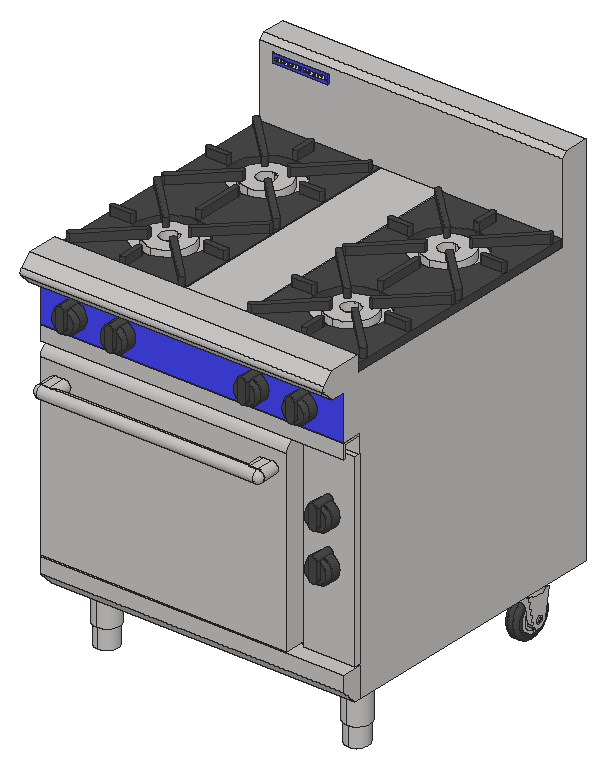
Revit family "QF_MOFFAT_BLUESEAL_CE_GE505D", category Specialty Equipment, Revit 2012 (continued)
Definition of nested family "WALDORF LOGO_FACE BASE"
  Forms (mm)
    Extrusion 3, solid, material "QF_Finishes_White", visible <- "Show Logo"
      sketch origin (0, -33.217, 1.588) x (1, 0, 0) y (0, 1, 0)
        loop
          line (112.704, 22.73) -> (112.704, 21.258)
        loop
          line (105.071, 25.919) -> (93.771, 25.919) -> (93.771, 17.163) -> (105.071, 17.163) -> (105.071, 19.063) -> (99.535, 19.063) -> (99.535, 20.437) -> (105.071, 20.437) -> (105.071, 22.278) -> (99.535, 22.278) -> (99.535, 23.587) -> (105.071, 23.587) -> (105.071, 25.919)
        loop
          line (91.104, 25.919) -> (79.541, 25.919)
          arc (79.541, 25.919) -> (78.558, 25.513) -> (78.152, 24.53) r 1.389
          line (78.152, 24.53) -> (78.152, 22.08)
          arc (78.152, 22.08) -> (78.558, 21.098) -> (79.541, 20.691) r 1.389
          line (79.541, 20.691) -> (86.346, 20.691) -> (86.346, 18.864) -> (83.266, 18.864) -> (83.266, 19.664) -> (78.152, 19.664) -> (78.152, 18.553)
          arc (78.152, 18.553) -> (78.558, 17.57) -> (79.541, 17.163) r 1.389
          line (79.541, 17.163) -> (91.063, 17.163)
          arc (91.063, 17.163) -> (92.045, 17.57) -> (92.452, 18.553) r 1.389
          line (92.452, 18.553) -> (92.452, 20.691)
          arc (92.452, 20.691) -> (92.045, 21.673) -> (91.063, 22.08) r 1.389
          line (91.063, 22.08) -> (83.266, 22.08) -> (83.266, 23.984) -> (86.346, 23.984) -> (86.346, 22.743) -> (92.452, 22.743) -> (92.452, 24.571)
          arc (92.452, 24.571) -> (92.057, 25.524) -> (91.104, 25.919) r 1.348
        loop
          line (70.705, 25.919) -> (59.405, 25.919) -> (59.405, 17.163) -> (70.705, 17.163) -> (70.705, 19.063) -> (65.169, 19.063) -> (65.169, 20.437) -> (70.705, 20.437) -> (70.705, 22.278) -> (65.169, 22.278) -> (65.169, 23.587) -> (70.705, 23.587) -> (70.705, 25.919)
        loop
          line (57.598, 25.919) -> (51.7, 25.919) -> (51.7, 20.18)
          arc (51.7, 20.18) -> (50.63, 19.11) -> (49.56, 20.18) r 1.07
          line (49.56, 20.18) -> (49.56, 25.919) -> (43.663, 25.919) -> (43.663, 19.049)
          arc (43.663, 19.049) -> (44.215, 17.716) -> (45.548, 17.163) r 1.885
          line (45.548, 17.163) -> (55.71, 17.163)
          arc (55.71, 17.163) -> (57.045, 17.716) -> (57.598, 19.051) r 1.887
          line (57.598, 19.051) -> (57.598, 25.919)
        loop
          line (31.62, 25.919) -> (31.62, 17.163) -> (43.046, 17.163) -> (43.046, 19.129) -> (37.388, 19.129) -> (37.388, 25.919) -> (31.62, 25.919)
        loop
          line (15.969, 25.919) -> (15.969, 17.163) -> (28.693, 17.163)
          arc (28.693, 17.163) -> (29.812, 17.627) -> (30.276, 18.746) r 1.582
          line (30.276, 18.746) -> (30.276, 20.447) -> (29.48, 21.243) -> (30.276, 22.039) -> (30.276, 24.332)
          arc (30.276, 24.332) -> (29.811, 25.454) -> (28.688, 25.919) r 1.587
          line (28.688, 25.919) -> (15.969, 25.919)
        loop
          line (21.449, 24.159) -> (21.449, 22.436) -> (23.862, 22.436)
          arc (23.862, 22.436) -> (24.723, 23.298) -> (23.862, 24.159) r 0.861
          line (23.862, 24.159) -> (21.449, 24.159)
        loop
          line (21.449, 20.244) -> (21.449, 18.522) -> (23.862, 18.522)
          arc (23.862, 18.522) -> (24.723, 19.383) -> (23.862, 20.244) r 0.861
          line (23.862, 20.244) -> (21.449, 20.244)
      from 0 to 0.2
    Extrusion 4, solid, material "QF_Finishes_Blue", visible <- "Show Logo"
      sketch origin (-126.498, -31.09, 1.588) x (1, 0, 0) y (0, 1, 0)
        loop
          line (136.738, 23.522) -> (136.738, 15.1)
          arc (136.738, 15.1) -> (140.756, 19.311) -> (136.738, 23.522) r 4.216
      from 0 to 0.2
    Extrusion 5, solid, material "QF_Finishes_Red", visible <- "Show Logo"
      sketch origin (146.849, -31.09, 1.588) x (-1, 0, 0) y (0, -1, 0)
        loop
          arc (136.738, -23.522) -> (140.756, -19.311) -> (136.738, -15.1) r 4.216
          line (136.738, -15.1) -> (136.738, -23.522)
      from 0 to 0.2
  Lines and regions (mm)
    Split face 1
      outline origin (-90.35, -30.793, 1.588) x (1, 0, 0) y (0, 1, 0)
        loop
          circle (100.54, 19.013) r 4.536
  Dimensions and locks
    aligned and locked: plane 2 to Extrusion 1
    aligned and locked: level to Extrusion 1
